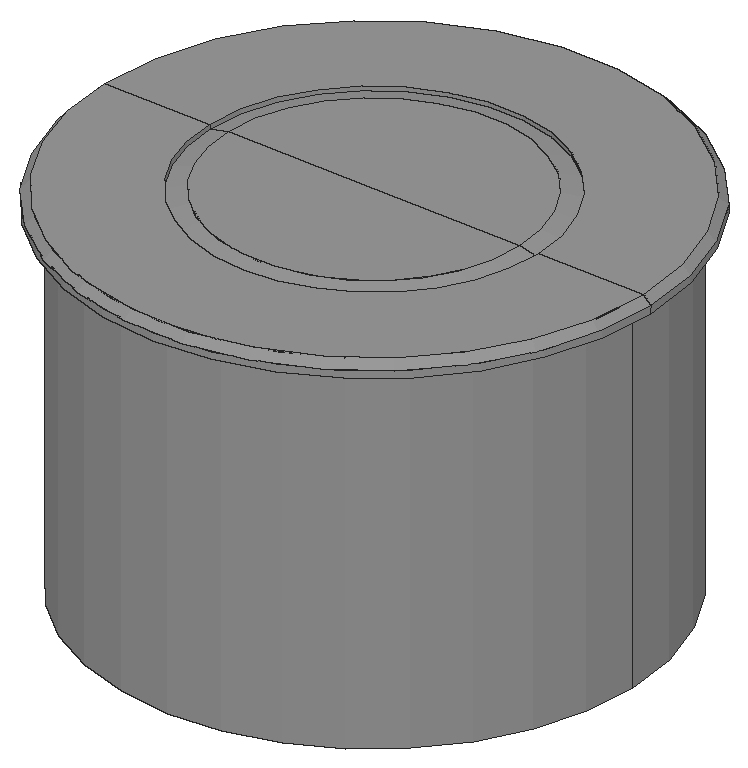
Revit family "4068703 Sylvania Lighting Fixture PATHE WALL ROUND3 271LM LED 4K", category Lighting Fixtures, host Face, Revit 2016
Family settings
  Host = Face
  Part Type = Normal
  Round Connector Dimension = Use Diameter
  OmniClass Number = 23.80.70.00
  OmniClass Title = Lighting
  Cut with Voids When Loaded = No
  Light Source = Yes
  Shared = No
  Room Calculation Point = No
Parameters (values of type "4068703 PATHE/W/R3 271LM LED 4K")
  Weight = "1.105 kg"
  Wattage Comments = ""
  Wattage = 5 W
  WarrantyStartDate [instance] = "n/a"
  WarrantyGuarantorParts = "n/a"
  WarrantyDurationUnit = "n/a"
  WarrantyDurationParts = "n/a"
  WarrantyDescription = "n/a"
  built-in parameter 1150110 = 1 (stored number, unit not read)
  Voltage = 0 V
  URL = "http://www.sylvania-lighting.com"
  TypeName = "PATHE/WALL/ROUND3 271LM LED 4K"
  Type Image = <None>
  Type Comments = "n/a"
  built-in parameter 1114217 = 1 (stored number, unit not read)
  Tilt Angle = 90.00°
  built-in parameter 1150109 = 1 (stored number, unit not read)
  built-in parameter 1150134 = 12
  built-in parameter 1150113 = 1 (stored number, unit not read)
  SerialNumber [instance] = "n/a"
  Radius_SYL = 74 mm
  RadiusDiffuser_SYL = 44 mm
  Photometric Web File = "4068703.ies"
  Material_3_SYL = Inside_Sylvania_Pathe_Black
  PowerFactor = 0
  PowerConsumption = "5 W"
  NominalLength = 148 mm
  NominalHeight = 93 mm
  NominalDepth = 0 mm
  Name = "PATHE/WALL/ROUND3 271LM LED 4K"
  ModelReference = Name  # "PATHE/WALL/ROUND3 271LM LED 4K"
  ModelNumber = "4068703"
  Model = Name  # "PATHE/WALL/ROUND3 271LM LED 4K"
  Material = "corrosion resistant anodized aluminum housing, tempered safety glass diffuser"
  ManufacturerName = "Feilo Sylvania"
  Manufacturer = "Feilo Sylvania"
  LuminousEfficacy = "54.2 lm/W"
  built-in parameter 1150105 = 21.565 (stored number, unit not read)
  Lumens = 271 lm
  LuminaireType = ""
  built-in parameter 1150115 = 1 (stored number, unit not read)
  LightOutputRatio = "100"
  built-in parameter 1150137 = (empty or 0)
  built-in parameter 1150139 = (empty or 0)
  LampsType = Lamp  # "LED"
  LampNominalLuminous = "271 lm"
  LampMacAdamStep = "n/a"
  LampColourTemperature = "4000 K"
  LampColourRenderingIndex = "80"
  built-in parameter 1150112 = 1 (stored number, unit not read)
  built-in parameter 1150114 = 1 (stored number, unit not read)
  Lamp = "LED"
  Keynote = "16500"
  InstallationDate [instance] = "n/a"
  InputVoltage = "n/a"
  InputNominalFrequency = "n/a"
  built-in parameter 1150132 = (empty or 0)
  built-in parameter 1150102 = (empty or 0)
  built-in parameter 1150107 = 4000 (stored number, unit not read)
  built-in parameter 1150138 = (empty or 0)
  IngressProtection = "IP67"
  ImpactProtectionIndex = "IK10"
  built-in parameter 1150106 = 0.21565 (stored number, unit not read)
  IfcExportType = "IfcLightFixtureType"
  IfcExportAs = "IfcLightFixtureType"
  HieghtTop_SYL = 2.3 mm
  ExpectedLife = 50000
  Emit from Circle Diameter = RadiusDiffuser_SYL * 2  # 88 mm
  Emit Shape Visible in Rendering = no
  ElectricShockClassification = "Class I"
  built-in parameter 1150104 = 5.0353 (stored number, unit not read)
  DurationUnit = "hours"
  DocumentationLiterature = "http://www.sylvania-lighting.com/product/en-int/products/4068703"
  DimmingControlOptions = "n/a"
  Material_2_SYL = LED-Sylvania
  Dimming Lamp Color Temperature Shift = <None>
  Description = "Round recessed wall luminaireCorrosion resistant anodized aluminum, 271lm, 5W, 54lm/W, 4000K, CRI80+, non dimmable, IP67, IK10, (ØxD) Ø148x93mm, 3 step MacAdam ellipse, class I, 220-240, A++ A+ A"
  Default Elevation = 1219.2 mm
  CreatedOn = "9/21/2018"
  CreatedBy = "@sylvania-lighting.com"
  Cost = 0
  Color Filter = 16777215
  built-in parameter 1114216 [instance] = (empty or 0)
  ClassificationValue = "EF_70_80"
  ClassificationName = "Uniclass2015"
  Material_1_SYL = Aluminum 6061 T6 80 Hot Formed
  ChamferTop_SYL = 2 mm
  ChamferDiffuserTop_SYL = 5 mm
  ChamferDiffuserSide_SYL = 1 mm
  BarCode [instance] = "n/a"
  built-in parameter 1114218 = 1 (stored number, unit not read)
  built-in parameter 1150133 = 10 (stored number, unit not read)
  AssetType = "Fixed"
  AssetIdentifier [instance] = "n/a"
  Assembly Code = "D5020200"
  Apparent Load = 5 VA
  Material_4_SYL = Polycarbonate, Clear
Reference planes
  plane 1 "Center (Front/Back)": y = 0
  plane 2: z = 0
  plane 3 "Center (Left/Right)": x = 0
  plane 4: x = -40
  plane 5: x = -74
  plane 6: z = -93
  plane 7: x = -44
  plane 8: z = 2.3
  plane 9: x = -72
  plane 10: z = -36
  plane 11: z = -29.5
  plane 12: x = -39
  plane 13: z = 1.3
  plane 14: z = 0.3
  plane 15: x = -55.75
  plane 16: x = -25
  plane 17: z = -12
  plane 18: x = -27.5
  plane 19: z = -11
  plane 20: x = -24
  plane 21: z = -15
  plane 22: x = -69
  plane 23: z = -1.5
Forms (mm)
  Revolve 1, solid, material "Aluminum 6061 T6 80 Hot Formed" <- "Material_1_SYL"
    sketch origin (0, 0, 0) x (1, 0, 0) y (0, 0, 1)
      loop
        line (-72, 2.3) -> (-74, 0.3) -> (-74, -1.5) -> (-69, -1.5) -> (-69, -93) -> (0, -93) -> (0, -15) -> (-55.75, -15) -> (-55.75, 0) -> (-44, 0) -> (-44, 2.3) -> (-72, 2.3)
      axis (0, 2.3) -> (0, -93)
    angle from 360 to 0
  Revolve 2, solid, material "LED-Sylvania" <- "Material_2_SYL"
    sketch origin (0, 0, 0) x (1, 0, 0) y (0, 0, 1)
      loop
        line (-44, 1.3) -> (-44, 0) -> (0, 0) -> (0, 2.3) -> (-39, 2.3) -> (-44, 1.3)
      axis (0, 2.3) -> (0, 0)
    angle from 360 to 0
  Revolve 3, void
    sketch origin (0, 0, 0) x (1, 0, 0) y (0, 0, 1)
      loop
        line (0, -93) -> (0, 0) -> (-74, 0) -> (-74, -93) -> (0, -93)
      axis (0, 0) -> (0, -93)
    angle from 360 to 0
Cuts and joins
  Revolve 3 cuts Revolve 2
Lines and regions (mm)
  reference lines
    curve 1: line (0, 0, -12) -> (0, -11.75, -12)
Dimensions and locks
  locked: plane 2 to plane 6 at 93
  locked: plane 3 "Center (Left/Right)" to plane 4 at 40
  "Radius_SYL": plane 3 "Center (Left/Right)" to plane 5
  "RadiusDiffuser_SYL": plane 3 "Center (Left/Right)" to plane 7
  "ChamferTop_SYL": plane 9 to plane 5
  "ChamferDiffuserSide_SYL": plane 8 to plane 13
  "ChamferDiffuserTop_SYL": plane 12 to plane 7
  "ChamferTop_SYL": plane 8 to plane 14
  "HieghtTop_SYL": plane 8 to plane 2
  locked: plane 15 to plane 5 at 18.25
  locked: plane 3 "Center (Left/Right)" to plane 16 at 25
  locked: plane 18 to plane 16 at 2.5
  locked: plane 16 to plane 20 at 1
  locked: plane 19 to plane 17 at 1
  locked: host face to plane 21 at 15
  locked: plane 17 to plane 21 at 3
  locked: plane 3 "Center (Left/Right)" to plane 22 at 69
  plane 2 to plane 23 = 1.5 mm
  aligned and locked: plane 2 to host face
  aligned and locked: level to host face
  aligned and locked: plane 8 to Revolve 1 sketch curve
  aligned and locked: Revolve 1 sketch curve to plane 3 "Center (Left/Right)"
  aligned and locked: level to Revolve 1 sketch curve
  aligned and locked: plane 7 to Revolve 1 sketch curve
  aligned and locked: plane 8 to Revolve 2 sketch curve
  aligned and locked: Revolve 2 sketch curve to plane 3 "Center (Left/Right)"  (x2)
  aligned and locked: Revolve 1 to Revolve 2 sketch curve
  aligned and locked: plane 12 to Revolve 2 sketch curve
  aligned and locked: plane 7 to Revolve 2 sketch curve
  aligned and locked: plane 13 to Revolve 2 sketch curve
  aligned and locked: imposter light to plane 8
  aligned and locked: imposter light to plane 1 "Center (Front/Back)"
  aligned and locked: plane 3 "Center (Left/Right)" to imposter light
  aligned and locked: plane 9 to Revolve 1 sketch curve
  aligned and locked: plane 6 to Revolve 1 sketch curve
  aligned and locked: Revolve 3 sketch curve to plane 3 "Center (Left/Right)"  (x2)
  aligned and locked: Revolve 3 sketch curve to Revolve 1
  aligned and locked: Revolve 3 sketch curve to level
  aligned and locked: plane 5 to Revolve 3 sketch curve
  aligned and locked: plane 15 to Revolve 1 sketch curve
  aligned and locked: plane 3 "Center (Left/Right)" to curve 1
  aligned and locked: Revolve 1 sketch curve to plane 5
  aligned and locked: plane 22 to Revolve 1 sketch curve  (x2)
  aligned and locked: plane 23 to Revolve 1 sketch curve
  aligned and locked: Revolve 1 sketch curve to Revolve 1 sketch curve
Automatic sketch dimensions
  host sketch curve to host sketch curve = 2438.4 mm  (x2)
  plane 6 to Revolve 2 sketch curve = 534.6 mm
  Revolve 2 sketch curve to Revolve 2 sketch curve = 2607.058 mm
  plane 6 to Revolve 3 sketch curve = 534.6 mm
  Revolve 3 sketch curve to plane 8 = 2607.058 mm
  plane 1 "Center (Front/Back)" to curve 1 = 0 mm
  curve 1 to curve 1 = 11.75 mm
  Revolve 1 sketch curve to plane 21 = 0 mm
  Revolve 1 sketch curve to plane 14 = 0 mm
  plane 6 to Revolve 1 sketch curve = 534.6 mm
  Revolve 1 sketch curve to plane 8 = 2607.058 mm
Connectors
  electrical at (0, 0, 0), driven by "Apparent Load", driven by "PowerFactor", driven by "Voltage"
    settings: index 1, voltage 0 V, apparent load 5 VA, apparent load phase1 0 VA, apparent load phase2 0 VA, apparent load phase3 0 VA, power factor 0, load classification "Lighting", number of poles 1, system type 30, power factor state 1, is connector primary yes, connector utility no, sub classification motor no, connector description ""
